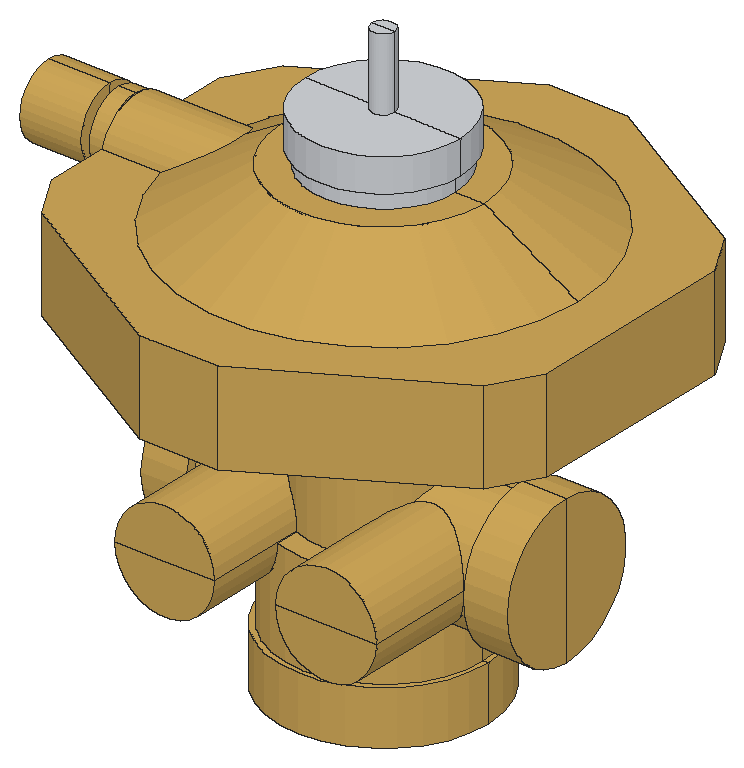
Revit family "Differenzdruckregler 4002 FIX TS 50kPa", category Rohrzubehör, Revit 2018
Family settings
  Bemaßung runder Anschluss = Durchmesser verwenden
  Teiletyp = Unterbricht
  OmniClass-Nummer = 23.65.55.14
  OmniClass-Titel = Valves for Liquid Services
  Arbeitsebenenbasiert = Nein
  Immer vertikal = Ja
  Beim Laden mit Abzugskörper schneiden = Nein
  Gemeinsam genutzt = Nein
Parameters (values of type "Ohne Dämmung")
  y2 [instance] = K14 + K9 + H01  # 45.649 mm
  y1 [instance] = (R03 * 2) + R05  # 66.000 mm
  k25 = 9.000 mm  # constant formula
  k24 = 13.000 mm  # constant formula
  k23 = 6.000 mm  # constant formula
  k22 = 22.000 mm  # constant formula
  k21 = 13.000 mm  # constant formula
  k20 = 14.000 mm  # constant formula
  k19 = 2.000 mm  # constant formula
  PN = 16  # constant formula
  Min. Betriebstemperatur (Frostschutz) = -20 °C  # constant formula
  Max. zulässige Betriebstemperatur bis DN32 = 130 °C  # constant formula
  Max. zulässige Betriebstemperatur DN40 - DN50 = 110 °C  # constant formula
  Max. Differenzdruck am Gehäuse = 400000.0 Pa  # constant formula
  Max. Betriebsdruck = 1600000.0 Pa  # constant formula
  Ventilschaft = "Edelstahl 14301"  # constant formula
  VRL01 [instance] = 30.000 mm  # constant formula
  V12 = 17.000 mm  # constant formula
  V10 = 16.000 mm  # constant formula
  V09 [instance] = 11.000 mm  # constant formula
  V08 [instance] = G01 + 3.000 mm  # 16.220 mm
  V03 [instance] = G01 + 5.000 mm  # 18.220 mm
  V02 [instance] = V01 + 4.500 mm  # 12.000 mm
  V01 [instance] = Nennweite / 2  # 7.500 mm
  URL = "www.herz-armaturen.at"
  SCRNSEQ = "ARM;ARM_TYP=\"DIFR\";2"
  SCRNCODE = "05;03;4"  # constant formula
  S07 = 10.000 mm  # constant formula
  S05 [instance] = S01 - 1.000 mm  # 13.850 mm
  S04 [instance] = S02 - 1.000 mm  # 18.000 mm
  S03 [instance] = size_lookup("4002_FIX_TS_50", "S03", 26.500 mm, Nennweite)  # 25.600 mm
  S02 [instance] = size_lookup("4002_FIX_TS_50", "S02", 19.000 mm, Nennweite)  # 19.000 mm
  S01 [instance] = size_lookup("4002_FIX_TS_50", "S01", 14.850 mm, Nennweite)  # 14.850 mm
  Regleranschlussmutter = "Messing CW614N"  # constant formula
  Regelbereich = "FIX 50kPa"  # constant formula
  R06 [instance] = size_lookup("4002_FIX_TS_50", "R06", 14.500 mm, Nennweite)  # 14.500 mm
  R05 [instance] = size_lookup("4002_FIX_TS_50", "R05", 41.000 mm, Nennweite)  # 50.000 mm
  R04 [instance] = size_lookup("4002_FIX_TS_50", "R04", 12.500 mm, Nennweite)  # 12.500 mm
  R03 [instance] = size_lookup("4002_FIX_TS_50", "R03", 8.000 mm, Nennweite)  # 8.000 mm
  R02 = 14.500 mm  # constant formula
  R01 [instance] = size_lookup("4002_FIX_TS_50", "R01", 11.500 mm, Nennweite)  # 11.500 mm
  Min. Betriebstemperatur (reines Wasser) = 2 °C  # constant formula
  O-Ringe = "EPDM"  # constant formula
  Nennweite [instance] = 15.000 mm
  Membrangehäuse = "Messing CW602N"  # constant formula
  Membrane = "EPDM"  # constant formula
  Medium = "Wasserbeschaffenheit nach ÖNORM H 5195 und VDI 2035\r\nDie Verwendung von Ethylen- und Propylenglykol ist im\r\nMischungsverhältnis 25 - 50 Vol.-% zulässig."
  L07 [instance] = size_lookup("4002_FIX_TS_50", "L07", 33.000 mm, Nennweite)  # 33.000 mm
  L06 = 7.000 mm  # constant formula
  L [instance] = size_lookup("4002_FIX_TS_50", "L", 66.000 mm, Nennweite)  # 66.000 mm
  K9 = 4.000 mm  # constant formula
  K8 = 55.000 mm  # constant formula
  K7 = 8.700 mm  # constant formula
  K6 = 11.700 mm  # constant formula
  K5 = 13.000 mm  # constant formula
  K4 = 12.000 mm  # constant formula
  K3 = 15.000 mm  # constant formula
  K2 = 2.350 mm  # constant formula
  K18 = 89.000 mm  # constant formula
  K17 = 66.700 mm  # constant formula
  K16 = 3.000 mm  # constant formula
  K15 = 26.649 mm  # constant formula
  K14 = 16.649 mm  # constant formula
  K13 = 16.649 mm  # constant formula
  K12 = 10.000 mm  # constant formula
  K11 = 35.000 mm  # constant formula
  K10 = 18.250 mm  # constant formula
  K1.1 = 2.350 mm  # constant formula
  K1 = 7.651 mm - 1.000 mm  # 6.651 mm
  J9 = 15.700 mm  # constant formula
  J8 = 7.850 mm  # constant formula
  J7 = 15.897 mm  # constant formula
  J6 = 3.900 mm  # constant formula
  J5 = 6.500 mm  # constant formula
  J4 = 1.500 mm  # constant formula
  J3 = 3.200 mm  # constant formula
  J2 = 11.000 mm  # constant formula
  J11 = 3.500 mm  # constant formula
  J10 = 18.897 mm  # constant formula
  J1 = 6.500 mm  # constant formula
  Hersteller = "HERZ-Armaturen Ges.m.b.H"  # constant formula
  H2 [instance] = size_lookup("4002_FIX_TS_50", "H2", 28.000 mm, Nennweite)  # 28.000 mm
  H1 [instance] = K1 + K2 + K3 + K4 + K5 + K7 + K8 + K16 + 16.650 mm  # 132.351 mm
  H04 = 4.000 mm  # constant formula
  H03 = 9.800 mm  # constant formula
  H02 [instance] = size_lookup("4002_FIX_TS_50", "H02", 53.000 mm, Nennweite)  # 53.000 mm
  H01 [instance] = size_lookup("4002_FIX_TS_50", "H01", 25.000 mm, Nennweite)  # 25.000 mm
  Gehäuse = "DZR Messing CC770S"  # constant formula
  G01 [instance] = size_lookup("4002_FIX_TS_50", "G01", 13.220 mm, Nennweite)  # 13.220 mm
  Hinweise zum Material = "Gemäß Art 33 der REACH-Verordnung (EG Nr. 1907/2006) sind wir verpflichtet, darauf hinzuweisen,\r\ndass der Stoff Blei auf der SVHC-Liste geführt wird und dass alle aus Messing bestehenden Bauteile,\r\ndie in unseren Erzeugnissen verarbeitet sind, mehr als 0,1 % (w/w) Blei (CAS: 7439-92-1 / EINECS:\r\n231-100-4) enthalten. Da Blei als Legierungsbestandteil fest gebunden ist, sind keine Expositionen zu\r\nerwarten und daher sind keine zusätzlichen Angaben zur sicheren Verwendung notwendig.\r\n\r\nIm Hanf enthaltenes Ammoniak schädigt\r\nMessingventilgehäuse, EPDM Dichtungen werden durch\r\nMineralöle bzw. mineralölhaltige Schmierstoffe aufgequollen\r\nund führen somit zum Ausfall der EPDM-Dichtungen. Für\r\nFrost- und Korrosionsschutzmittel auf der Basis von Ethylen- und Propylenglykol sind die entsprechenden\r\nAngaben den Unterlagen des Herstellers zu entnehmen."
  Dämmung = no
  Dämmschale = "EPP (expandiertes Polypropylen)"  # constant formula
  Druckfeder = "Federstahl, rost-und säurebeständig"  # constant formula
  DN50 [instance] = Nennweite = 50.000 mm  # no
  DN40 [instance] = Nennweite = 40.000 mm  # no
  DN32-40 [instance] = or(Nennweite = 32.000 mm, Nennweite = 40.000 mm)  # no
  DN32 [instance] = Nennweite = 32.000 mm  # no
  DN25 [instance] = Nennweite = 25.000 mm  # no
  DN20 [instance] = Nennweite = 20.000 mm  # no
  DN15-25 [instance] = or(Nennweite = 15.000 mm, Nennweite = 20.000 mm, Nennweite = 25.000 mm)  # yes
  DN15,20,25,32,50 [instance] = or(Nennweite = 15.000 mm, Nennweite = 20.000 mm, Nennweite = 25.000 mm, Nennweite = 32.000 mm, Nennweite = 50.000 mm)  # yes
  DN15 [instance] = Nennweite = 15.000 mm  # yes
  D07 [instance] = if(Nennweite = 15.000 mm, 32.000 mm, if(Nennweite = 20.000 mm, 33.000 mm, if(Nennweite = 25.000 mm, 33.000 mm, if(Nennweite = 32.000 mm, 49.000 mm, if(Nennweite = 40.000 mm, 57.560 mm, if(Nennweite = 50.000 mm, 57.560 mm, 0.000 mm))))))  # 32.000 mm
  D06 [instance] = if(Nennweite = 15.000 mm, 32.000 mm, if(Nennweite = 20.000 mm, 33.000 mm, if(Nennweite = 25.000 mm, 33.000 mm, if(Nennweite = 32.000 mm, 49.000 mm, if(Nennweite = 40.000 mm, 57.560 mm, if(Nennweite = 50.000 mm, 57.560 mm, 0.000 mm))))))  # 32.000 mm
  D05 [instance] = if(Nennweite = 15.000 mm, 36.750 mm, if(Nennweite = 20.000 mm, 40.700 mm, if(Nennweite = 25.000 mm, 49.200 mm, if(Nennweite = 32.000 mm, 54.150 mm, if(Nennweite = 40.000 mm, 60.750 mm, if(Nennweite = 50.000 mm, 72.700 mm, 0.000 mm))))))  # 36.750 mm
  D04 [instance] = if(Nennweite = 15.000 mm, 78.500 mm, if(Nennweite = 20.000 mm, 82.000 mm, if(Nennweite = 25.000 mm, 84.000 mm, if(Nennweite = 32.000 mm, 120.000 mm, if(Nennweite = 40.000 mm, 130.000 mm, if(Nennweite = 50.000 mm, 130.500 mm, 0.000 mm))))))  # 78.500 mm
  D03 [instance] = if(Nennweite = 15.000 mm, 96.000 mm, if(Nennweite = 20.000 mm, 110.000 mm, if(Nennweite = 25.000 mm, 112.000 mm, if(Nennweite = 32.000 mm, 152.000 mm, if(Nennweite = 40.000 mm, 170.000 mm, if(Nennweite = 50.000 mm, 179.000 mm, 0.000 mm))))))  # 96.000 mm
  D02 [instance] = size_lookup("4002_FIX_TS_50", "R05", 41.000 mm, Nennweite)  # 50.000 mm
  D01 [instance] = size_lookup("4002_FIX_TS_50", "G01", 13.220 mm, Nennweite)  # 13.220 mm
  Bestellnummer Dämmung [instance] = if(and(Dämmung, Nennweite = 15.000 mm), 1400291, if(and(Dämmung, Nennweite = 20.000 mm), 1400291, if(and(Dämmung, Nennweite = 25.000 mm), 1400291, if(and(Dämmung, Nennweite = 32.000 mm), 1400291, if(and(Dämmung, Nennweite = 40.000 mm), 1400291, if(and(Dämmung, Nennweite = 50.000 mm), 1400291, 0))))))  # 0
  Bestellnummer [instance] = size_lookup("4002_FIX_TS_50", "Artnr", 0, Nennweite)  # 1400291
  B2 [instance] = size_lookup("4002_FIX_TS_50", "B2", 31.000 mm, Nennweite)  # 31.000 mm
  B1 [instance] = size_lookup("4002_FIX_TS_50", "B1", 26.000 mm, Nennweite)  # 26.000 mm
  B04 = 100.649 mm  # constant formula
  B03 = 44.500 mm  # constant formula
  B02 = 104.688 mm  # constant formula
  B01 = 10.000 mm  # constant formula
  Anwendungsgebiet = "Der Differenzdruckregler ist ein Regler mit linearer Kennlinie in Geradsitzausführung und arbeitet ohne Hilfsenergie. Der Differenzdruck-Sollwert beträgt 23 kPa, 50 kPa bzw 13 kPa. Im Lieferumfang enthalten ist die Impulsleitung (1000 mm), diese ist mit einem Strangregulierventil im Vorlauf zu verbinden."
  Anschlussnippel = "Messing CW602N"  # constant formula
  Anschlussgewinde für Antrieb = "Messing CW602N"  # constant formula
Types (2, lengths in mm): name | y2 | y1 | V08 | V03 | V02 | V01 | S03 | R05 | R04 | R03 | R01 | Nennweite | L07 | L | H2 | H02 | H01 | G01 | Dämmung | DN25 | DN15 | D07 | D06 | D05 | D04 | D03 | D02 | D01 | Bestellnummer Dämmung | Bestellnummer | B2 | B1
  Ohne Dämmung | 45.649 | 66.000 | 16.220 | 18.220 | 12.000 | 7.500 | 25.600 | 50.000 | 12.500 | 8.000 | 11.500 | 15.000 | 33.000 | 66.000 | 28.000 | 53.000 | 25.000 | 13.220 | no | no | yes | 32.000 | 32.000 | 36.750 | 78.500 | 96.000 | 50.000 | 13.220 | 0 | 1400291 | 31.000 | 26.000
  Mit Dämmung | 46.649 | 76.000 | 23.600 | 25.600 | 17.000 | 12.500 | 29.000 | 58.200 | 14.500 | 8.900 | 14.800 | 25.000 | 38.000 | 76.000 | 29.000 | 54.500 | 26.000 | 20.600 | yes | yes | no | 33.000 | 33.000 | 49.200 | 84.000 | 112.000 | 58.200 | 20.600 | 1400291 | 1400293 | 33.000 | 28.000
Reference planes
  plane 1 "Mitte (Vorne/hinten)": y = 0
  plane 2: z = 0
  plane 3 "Mitte (Links/rechts)": x = 0
Forms (mm)
  Revolve 1, solid, material "Messing, weicher Gelbton, geschweißt", detail levels fine
    sketch origin (0, 0, 0) x (1, 0, 0) y (0, 0, 1)
      loop
        line (-33, 0) -> (33, 0) -> (33, 13.22) -> (25, 13.22) -> (25, 11.5) -> (-25, 11.5) -> (-25, 13.22) -> (-33, 13.22) -> (-33, 0)
      axis (-33, 0) -> (33, 0)
    angle from 0 to 360
  Revolve 2, solid, material "Messing, weicher Gelbton, geschweißt", detail levels fine
    sketch origin (0, 0, 0) x (1, 0, 0) y (0, 0, 1)
      loop
        line (0, -28) -> (0, 0) -> (-18, 0) -> (-18, -18.2) -> (-19, -18.2) -> (-19, -28) -> (0, -28)
      axis (0, 0) -> (0, -28)
    angle from 0 to 360
  Extrusion 3, solid, material "Messing, weicher Gelbton, geschweißt", detail levels fine
    sketch origin (0, 0, 0) x (0, -1, 0) y (1, 0, 0)
      loop
        line (-46, -7.038) -> (-27.114, -39.75) -> (-18.886, -44.5) -> (18.886, -44.5) -> (27.114, -39.75) -> (46, -7.038) -> (46, 7.038) -> (27.114, 39.75) -> (18.886, 44.5) -> (-18.886, 44.5) -> (-27.114, 39.75) -> (-46, 7.038) -> (-46, -7.038)
    from 29 to 45.649
  Revolve 4, solid, material "Messing, weicher Gelbton, geschweißt", detail levels fine
    sketch origin (0, 0, -7.051) x (1, 0, 0) y (0, 0, 1)
      loop
        line (0, 52.7) -> (0, 62.7) -> (-18.25, 62.7) -> (-35, 52.7) -> (0, 52.7)
      axis (0, 62.7) -> (0, 52.7)
    angle from 0 to 360
  Revolve 5, solid, material "Messing, weicher Gelbton, geschweißt", visible <- "DN15-25", detail levels fine
    sketch origin (-11, 0, 0) x (1, 0, 0) y (0, 1, 0)
      loop
        line (-1.5, 26) -> (-9.2, 26) -> (-9.2, 0) -> (-1.5, 0) -> (-1.5, 26)
      axis (-1.5, 0) -> (-1.5, 26)
    angle from 0 to 360
  Revolve 6, solid, material "Messing, weicher Gelbton, geschweißt", detail levels fine
    sketch origin (-0.988, 0, -6.853) x (-1, 0, 0) y (0, 0, 1)
      loop
        line (43.5, 51.75) -> (59.2, 51.75) -> (59.2, 58.25) -> (48.2, 58.25) -> (48.2, 55.65) -> (46.7, 55.65) -> (46.7, 58.25) -> (43.5, 58.25) -> (43.5, 51.75)
      axis (43.5, 51.75) -> (59.2, 51.75)
    angle from 0 to 360
  Extrusion 7, solid, material "Messing, weicher Gelbton, geschweißt", detail levels fine
    sketch origin (0, 0, 0) x (0, 1, 0) y (0, 0, -1)
      loop
        line (7.85, -43.547) -> (7.85, -32.5) -> (-7.85, -32.5) -> (-7.85, -43.547)
        arc (-7.85, -43.547) -> (0, -51.397) -> (7.85, -43.547) r 7.85
    from 0 to 44.5
  Revolve 8, solid, material "Messing, weicher Gelbton, geschweißt", visible <- "DN15-25", detail levels fine
    sketch origin (-2, 0, 0) x (1, 0, 0) y (0, 1, 0)
      loop
        line (-12.5, 0) -> (-21.5, 0) -> (-21.5, -31) -> (-12.5, -31) -> (-12.5, 0)
      axis (-12.5, 0) -> (-12.5, -31)
    angle from 0 to 360
  Revolve 9, solid, material "Messing, weicher Gelbton, geschweißt", visible <- "DN15-25", detail levels fine
    sketch origin (2, 0, 0) x (1, 0, 0) y (0, 1, 0)
      loop
        line (12.5, 0) -> (12.5, -31) -> (21.6, -31) -> (21.6, 0) -> (12.5, 0)
      axis (12.5, 0) -> (12.5, -31)
    angle from 0 to 360
  Extrusion 10, solid, material "Messing, weicher Gelbton, geschweißt", visible <- "DN32", detail levels fine
    sketch origin (-31.5, 0, 0) x (1, 0, 0) y (0, 1, 0)
      loop
        circle (63, 0) r 6.578
      loop
        circle (63, 0) r 3.28
    from -47 to 0
  Extrusion 11, solid, material "Messing, weicher Gelbton, geschweißt", visible <- "DN32", detail levels fine
    sketch origin (31.5, 0, 0) x (-1, 0, 0) y (0, -1, 0)
      loop
        circle (63, 0) r 6.578
      loop
        circle (63, 0) r 3.28
    from -47 to 0
  Revolve 12, solid, material "Messing, weicher Gelbton, geschweißt", detail levels fine
    sketch origin (0, 0, 0) x (1, 0, 0) y (0, 0, 1)
      loop
        line (-13.85, 0) -> (0, 0) -> (0, 29) -> (-9.85, 29) -> (-9.85, 25) -> (-14.85, 25) -> (-14.85, 15.2) -> (-13.85, 15.2) -> (-13.85, 0)
      axis (0, 29) -> (0, 0)
    angle from 0 to 360
  Extrusion 13, solid, material "Messing, weicher Gelbton, geschweißt", visible <- "DN40", detail levels fine
    sketch origin (29.382, 0, 0) x (-1, 0, 0) y (0, -1, 0)
      loop
        circle (63, 0) r 6.578
      loop
        circle (63, 0) r 3.28
    from -58 to 0
  Extrusion 14, solid, material "Messing, weicher Gelbton, geschweißt", visible <- "DN40", detail levels fine
    sketch origin (-29.455, 0, 0) x (1, 0, 0) y (0, 1, 0)
      loop
        circle (63, 0) r 6.578
      loop
        circle (63, 0) r 3.28
    from -58 to 0
  Extrusion 15, solid, material "Messing, weicher Gelbton, geschweißt", visible <- "DN50", detail levels fine
    sketch origin (28.422, 0, 0) x (-1, 0, 0) y (0, -1, 0)
      loop
        circle (63, 0) r 6.578
      loop
        circle (63, 0) r 3.28
    from -58 to 0
  Extrusion 16, solid, material "Messing, weicher Gelbton, geschweißt", visible <- "DN50", detail levels fine
    sketch origin (-28.422, 0, 0) x (1, 0, 0) y (0, 1, 0)
      loop
        circle (63, 0) r 6.578
      loop
        circle (63, 0) r 3.28
    from -58 to 0
  Revolve 17, solid, material "Messing, weicher Gelbton, geschweißt", visible <- "DN32-40", detail levels fine
    sketch origin (-11, 0, 0) x (1, 0, 0) y (0, 1, 0)
      loop
        line (-1.5, -26) -> (-1.5, 0) -> (-9.2, 0) -> (-9.2, -26) -> (-1.5, -26)
      axis (-1.5, 0) -> (-1.5, -26)
    angle from 0 to 360
  Revolve 18, solid, material "Messing, weicher Gelbton, geschweißt", not visible, detail levels fine
    sketch origin (10.652, 0, 0) x (-1, 0, 0) y (0, 0, 1)
      loop
        line (43.652, 0) -> (73.652, 0) -> (73.652, 7.5) -> (56.652, 7.5) -> (56.652, 12) -> (47.652, 12) -> (47.652, 18.22) -> (40.652, 18.22) -> (40.652, 16.22) -> (35.652, 16.22) -> (35.652, 13.22) -> (43.652, 13.22) -> (43.652, 0)
      axis (35.652, 0) -> (73.652, 0)
    angle from 0 to 360
  Revolve 19, solid, material "Messing, weicher Gelbton, geschweißt", not visible, detail levels fine
    sketch origin (-9.448, 0, 0) x (1, 0, 0) y (0, 0, 1)
      loop
        line (42.448, 0) -> (72.448, 0) -> (72.448, 7.5) -> (55.448, 7.5) -> (55.448, 12) -> (46.448, 12) -> (46.448, 18.22) -> (39.448, 18.22) -> (39.448, 16.22) -> (34.448, 16.22) -> (34.448, 13.22) -> (42.448, 13.22) -> (42.448, 0)
      axis (34.448, 0) -> (72.448, 0)
    angle from 0 to 360
  Revolve 20, solid, detail levels fine
    sketch origin (0, 0, 0) x (1, 0, 0) y (0, 0, 1)
      loop
        line (0, 55.649) -> (0, 77.649) -> (-2, 77.649) -> (-2, 64.649) -> (-14, 64.649) -> (-14, 58.649) -> (-13, 58.649) -> (-13, 55.649) -> (0, 55.649)
      axis (0, 77.649) -> (0, 55.649)
    angle from 0 to 360
  Revolve 21, solid, material "Kunsstoff-Anthrazit/Schwarz", visible <- "Dämmung"
    sketch origin (0, 0, 0) x (1, 0, 0) y (0, 0, 1)
      loop
        line (0, -46.5) -> (36.75, -46.5) -> (36.75, 32) -> (0, 32) -> (0, -46.5)
      axis (0, 32) -> (0, -46.5)
    angle from 0 to 360
  Revolve 22, solid, material "Kunsstoff-Anthrazit/Schwarz", visible <- "Dämmung"
    sketch origin (0, 0, 0) x (1, 0, 0) y (0, 0, 1)
      loop
        line (0, 32) -> (-48, 32) -> (-48, 13.22) -> (-25, 13.22) -> (-25, 0) -> (25, 0) -> (25, 10) -> (48, 10) -> (48, 32) -> (0, 32)
      axis (-48, 0) -> (48, 0)
    angle from 0 to 360
  Extrusion 23, void
    sketch origin (-196.626, 0, 0) x (1, 0, 0) y (0, 0, 1)
      loop
        line (106.193, 29) -> (304.626, 29) -> (304.626, 45.649) -> (106.193, 45.649) -> (106.193, 29)
    from -96.074 to 95.029
  Extrusion 24, void
    sketch origin (-330.981, 0, 0) x (1, 0, 0) y (0, 0, 1)
      loop
        line (226.44, 29) -> (455.981, 29) -> (455.981, 45.649) -> (226.44, 45.649) -> (226.44, 29)
    from -101.402 to 98.396
Cuts and joins
  Extrusion 23 cuts Revolve 21
  Extrusion 24 cuts Revolve 22
Lines and regions (mm)
  model lines, detail levels coarse+medium
    curve 1: line (33, -13.22, 0) -> (33, 13.22, 0)
    curve 2: line (33, 13.22, 0) -> (-33, -13.22, 0)
    curve 3: line (-33, -13.22, 0) -> (-33, 13.22, 0)
    curve 4: line (-33, 13.22, 0) -> (33, -13.22, 0)
    curve 5: line (0, -15, 0) -> (0, -29, 0)
    curve 6: spline (-44.5, -37.324, 0) -> (-42.984, -35.17, 0) -> (-38.538, -33.162, 0) -> (-31.466, -31.438, 0) -> (-22.25, -30.115, 0) -> (-11.517, -29.284, 0) -> (0, -29, 0) -> (11.517, -29.284, 0) -> (22.25, -30.115, 0) -> (31.466, -31.438, 0) -> (38.538, -33.162, 0) -> (42.984, -35.17, 0) -> (44.5, -37.325, 0) -> (42.984, -39.479, 0) -> (38.538, -41.487, 0) -> (31.466, -43.211, 0) -> (22.25, -44.534, 0) -> (11.517, -45.365, 0) -> (0, -45.649, 0) -> (-11.517, -45.365, 0) -> (-22.25, -44.534, 0) -> (-31.466, -43.211, 0) -> (-38.538, -41.487, 0) -> (-42.984, -39.479, 0) -> (-44.5, -37.324, 0)
    curve 7: line (-33, 0, 13.22) -> (-33, 0, -13.22)
    curve 8: line (-33, 0, -13.22) -> (33, 0, 13.22)
    curve 9: line (33, 0, 13.22) -> (33, 0, -13.22)
    curve 10: line (33, 0, -13.22) -> (-33, 0, 13.22)
    curve 11: line (0, 0, 13.22) -> (0, 0, 29)
    curve 12: spline (-44.5, 0, 37.325) -> (-42.984, 0, 39.479) -> (-38.538, 0, 41.487) -> (-31.466, 0, 43.211) -> (-22.25, 0, 44.534) -> (-11.517, 0, 45.365) -> (0, 0, 45.649) -> (11.517, 0, 45.365) -> (22.25, 0, 44.534) -> (31.466, 0, 43.211) -> (38.538, 0, 41.487) -> (42.984, 0, 39.479) -> (44.5, 0, 37.324) -> (42.984, 0, 35.17) -> (38.538, 0, 33.162) -> (31.466, 0, 31.438) -> (22.25, 0, 30.115) -> (11.517, 0, 29.284) -> (0, 0, 29) -> (-11.517, 0, 29.284) -> (-22.25, 0, 30.115) -> (-31.466, 0, 31.438) -> (-38.538, 0, 33.162) -> (-42.984, 0, 35.17) -> (-44.5, 0, 37.325)
    curve 13: line (0, 0, 13.22) -> (16.5, 0, 6.61)
    curve 14: line (0, 0, 13.22) -> (-16.5, 0, 6.61)
    curve 15: line (33, 0, 0) -> (63, 0, 0)
    curve 16: line (-33, 0, 0) -> (-63, 0, 0)
    curve 17: line (0, -15, 0) -> (-22.716, -9.1, 0)
    curve 18: line (0, -15, 0) -> (22.716, -9.1, 0)
    curve 19: line (33, 0, 13.22) -> (33, 0, -13.22)
    curve 20: line (33, 0, 13.22) -> (43, 0, 13.22)
    curve 21: line (43, 0, 13.22) -> (33, 0, 0)
    curve 22: line (43, 0, -13.22) -> (33, 0, 0)
    curve 23: line (33, 0, -13.22) -> (43, 0, -13.22)
    curve 24: line (-33, 0, 13.22) -> (-33, 0, -13.22)
    curve 25: line (-33, 0, 13.22) -> (-43, 0, 13.22)
    curve 26: line (-43, 0, 13.22) -> (-33, 0, 0)
    curve 27: line (-43, 0, -13.22) -> (-33, 0, 0)
    curve 28: line (-33, 0, -13.22) -> (-43, 0, -13.22)
    curve 29: line (-33, 13.22, 0) -> (-43, 13.22, 0)
    curve 30: line (-43, 13.22, 0) -> (-33, 0, 0)
    curve 31: line (-33, -13.22, 0) -> (-43, -13.22, 0)
    curve 32: line (-43, -13.22, 0) -> (-33, 0, 0)
    curve 33: line (33, -13.22, 0) -> (33, 13.22, 0)
    curve 34: line (33, 13.22, 0) -> (43, 13.22, 0)
    curve 35: line (43, 13.22, 0) -> (33, 0, 0)
    curve 36: line (33, -13.22, 0) -> (43, -13.22, 0)
    curve 37: line (43, -13.22, 0) -> (33, 0, 0)
Dimensions and locks
  "G01": Revolve 1 sketch curve to Revolve 1 sketch curve  (x2)
  "R01": Revolve 1 sketch curve to Revolve 1 sketch curve
  "R03": Revolve 1 sketch curve to Revolve 1 sketch curve  (x2)
  "K10": Revolve 4 sketch curve to Revolve 4 sketch curve
  "K11": Revolve 4 sketch curve to Revolve 4 sketch curve
  "B1": Revolve 5 sketch curve to Revolve 5 sketch curve
  "J1": Revolve 6 sketch curve to Revolve 6 sketch curve
  "J3": Revolve 6 sketch curve to Revolve 6 sketch curve
  "J4": Revolve 6 sketch curve to Revolve 6 sketch curve
  "J2": Revolve 6 sketch curve to Revolve 6 sketch curve
  "J5": Revolve 6 sketch curve to Revolve 6 sketch curve
  "J6": Revolve 6 sketch curve to Revolve 6 sketch curve
  "H2": plane 2 to Revolve 2 sketch curve
  "H03": Revolve 2 sketch curve to Revolve 2 sketch curve
  "S02": plane 3 "Mitte (Links/rechts)" to Revolve 2 sketch curve
  "B02": Revolve 6 to Extrusion 3
  "B03": Extrusion 3 to plane 3 "Mitte (Links/rechts)"
  "R04": Revolve 5 sketch curve to plane 3 "Mitte (Links/rechts)"
  "K12": Revolve 4 sketch curve to Revolve 4 sketch curve
  "K13": Revolve 4 sketch curve to Extrusion 3
  "K14": Extrusion 3 to Extrusion 3
  "R05": Revolve 1 sketch curve to Revolve 1 sketch curve
  plane 3 "Mitte (Links/rechts)" to Revolve 1 sketch curve = 33.000 mm
  Revolve 1 sketch curve to plane 3 "Mitte (Links/rechts)" = 33.000 mm
  equal spacing: Revolve 1 sketch curve, plane 3 "Mitte (Links/rechts)", Revolve 1 sketch curve
  "B2": plane 1 "Mitte (Vorne/hinten)" to Revolve 8 sketch curve
  "B2": Revolve 9 sketch curve to plane 1 "Mitte (Vorne/hinten)"
  "R06": Revolve 8 sketch curve to plane 3 "Mitte (Links/rechts)"
  "R06": plane 3 "Mitte (Links/rechts)" to Revolve 9 sketch curve
  "S01": Revolve 12 sketch curve to plane 3 "Mitte (Links/rechts)"
  "S05": plane 3 "Mitte (Links/rechts)" to Revolve 12 sketch curve
  "H04": Revolve 12 sketch curve to Revolve 12 sketch curve
  "H03": Revolve 12 sketch curve to Revolve 12 sketch curve
  "H01": Revolve 12 sketch curve to plane 2
  "K9": Extrusion 3 to Revolve 12
  Revolve 2 sketch curve to Revolve 2 sketch curve = 1.000 mm
  "J7": Revolve 6 sketch curve to Extrusion 3
  "J9": Extrusion 7 sketch curve to Extrusion 7 sketch curve
  "J10": Revolve 6 to Extrusion 7 sketch curve
  "J11": Extrusion 7 sketch curve to Extrusion 3
  equal spacing: curve 7, curve 6, curve 9
  "K18": Extrusion 3 to Extrusion 3
  equal spacing: curve 7, curve 14, curve 14
  equal spacing: curve 14, curve 13, curve 9
  "G01": curve 10 to plane 2
  "G01": plane 2 to curve 8
  "G01": curve 9 to plane 2
  "G01": plane 2 to curve 10
  "K18": curve 12 to curve 12
  "y1": curve 7 to curve 9
  "G01": curve 14 to plane 2
  "K14": curve 12 to curve 12
  "y2": curve 12 to plane 2
  "G01": plane 1 "Mitte (Vorne/hinten)" to curve 4
  "G01": curve 3 to plane 1 "Mitte (Vorne/hinten)"
  equal spacing: curve 3, curve 12, curve 1
  equal spacing: curve 3, curve 18, curve 1
  "y1": curve 3 to curve 1
  "G01": plane 1 "Mitte (Vorne/hinten)" to curve 2
  "G01": curve 4 to plane 1 "Mitte (Vorne/hinten)"
  "K18": curve 6 to curve 6
  "K14": curve 6 to curve 6
  "y2": curve 6 to plane 1 "Mitte (Vorne/hinten)"
  "B1": Revolve 17 sketch curve to Revolve 17 sketch curve
  "R04": Revolve 17 sketch curve to plane 3 "Mitte (Links/rechts)"
  "R03": Revolve 18 sketch curve to Revolve 18 sketch curve
  "V10": Revolve 18 sketch curve to Revolve 18 sketch curve
  "V12": Revolve 18 sketch curve to Revolve 18 sketch curve
  "VRL01": Revolve 18 sketch curve to Revolve 18 sketch curve
  "V02": Revolve 18 sketch curve to plane 2
  "V01": Revolve 18 sketch curve to plane 2
  "G01": Revolve 18 sketch curve to plane 2
  "V08": Revolve 18 sketch curve to plane 2
  "V03": Revolve 18 sketch curve to plane 2
  "R03": Revolve 19 sketch curve to Revolve 19 sketch curve
  "V10": Revolve 19 sketch curve to Revolve 19 sketch curve
  "V12": Revolve 19 sketch curve to Revolve 19 sketch curve
  "VRL01": Revolve 19 sketch curve to Revolve 19 sketch curve
  "V01": Revolve 19 sketch curve to plane 2
  "V02": Revolve 19 sketch curve to plane 2
  "G01": Revolve 19 sketch curve to plane 2
  "V08": Revolve 19 sketch curve to plane 2
  "V03": Revolve 19 sketch curve to plane 2
  "L07": Revolve 18 to plane 3 "Mitte (Links/rechts)"
  "L07": plane 3 "Mitte (Links/rechts)" to Revolve 19
  "S07": curve 28 to Revolve 18
  "S07": curve 26 to Revolve 18
  "S07": Revolve 19 to curve 21
  "S07": Revolve 19 to curve 23
  "G01": plane 2 to curve 28
  "G01": curve 25 to plane 2
  "G01": curve 20 to plane 2
  "G01": plane 2 to curve 23
  "S07": curve 30 to curve 3
  "S07": curve 32 to curve 3
  "S07": curve 33 to curve 35
  "S07": curve 33 to curve 37
  "k20": Revolve 20 sketch curve to Revolve 20 sketch curve
  "k24": Revolve 20 sketch curve to Revolve 20 sketch curve
  "k23": Revolve 20 sketch curve to Revolve 20 sketch curve
  "k21": Revolve 20 sketch curve to Revolve 20 sketch curve
  "k22": Revolve 20 sketch curve to Revolve 20 sketch curve
  "k19": Revolve 20 sketch curve to Revolve 20 sketch curve
  "k25": Revolve 20 to Revolve 4
  "D06": Revolve 21 sketch curve to plane 2
  "D05": Revolve 21 sketch curve to Revolve 21 sketch curve
  "D04": Revolve 21 sketch curve to Revolve 21 sketch curve
  "D07": Revolve 22 sketch curve to plane 2
  "D01": Revolve 22 sketch curve to plane 2
  "D03": Revolve 22 sketch curve to Revolve 22 sketch curve
  "D02": Revolve 22 sketch curve to Revolve 22 sketch curve
  equal spacing: Revolve 22 sketch curve, plane 3 "Mitte (Links/rechts)", Revolve 22 sketch curve  (x2)
  "K14": Extrusion 23 to Extrusion 23
  "K14": Extrusion 23 to Extrusion 3
  "K14": Extrusion 24 to Extrusion 24
  "K14": Extrusion 24 to Extrusion 3
  "J8": radius of Extrusion 7 sketch curve
  aligned and locked: level to plane 2
Automatic sketch dimensions
  plane 3 "Mitte (Links/rechts)" to Extrusion 3 sketch curve = 7.038 mm  (x2)
  Extrusion 3 sketch curve to plane 1 "Mitte (Vorne/hinten)" = 46.000 mm
  Extrusion 3 sketch curve to plane 1 "Mitte (Vorne/hinten)" = 27.114 mm  (x2)
  Extrusion 3 sketch curve to Extrusion 3 sketch curve = 8.227 mm  (x4)
  plane 1 "Mitte (Vorne/hinten)" to Extrusion 3 sketch curve = 18.886 mm  (x2)
  Extrusion 3 sketch curve to Extrusion 3 sketch curve = 18.886 mm
  Extrusion 3 sketch curve to plane 3 "Mitte (Links/rechts)" = 7.038 mm  (x2)
  Extrusion 3 sketch curve to Extrusion 3 sketch curve = 32.712 mm  (x4)
  Extrusion 3 sketch curve to Extrusion 3 sketch curve = 4.750 mm  (x2)
  Extrusion 10 sketch curve to Extrusion 10 sketch curve = 0.000 mm  (x2)
  plane 1 "Mitte (Vorne/hinten)" to Extrusion 10 sketch curve = 0.000 mm
  plane 3 "Mitte (Links/rechts)" to Extrusion 10 sketch curve = 31.500 mm
  Extrusion 11 sketch curve to Extrusion 11 sketch curve = 0.000 mm  (x2)
  plane 1 "Mitte (Vorne/hinten)" to Extrusion 11 sketch curve = 0.000 mm
  plane 3 "Mitte (Links/rechts)" to Extrusion 11 sketch curve = 31.500 mm
  Extrusion 13 sketch curve to Extrusion 13 sketch curve = 0.000 mm  (x2)
  plane 1 "Mitte (Vorne/hinten)" to Extrusion 13 sketch curve = 0.000 mm
  plane 3 "Mitte (Links/rechts)" to Extrusion 13 sketch curve = 33.618 mm
  Extrusion 14 sketch curve to Extrusion 14 sketch curve = 0.000 mm  (x2)
  plane 1 "Mitte (Vorne/hinten)" to Extrusion 14 sketch curve = 0.000 mm
  plane 3 "Mitte (Links/rechts)" to Extrusion 14 sketch curve = 33.545 mm
  Extrusion 15 sketch curve to Extrusion 15 sketch curve = 0.000 mm  (x2)
  plane 1 "Mitte (Vorne/hinten)" to Extrusion 15 sketch curve = 0.000 mm
  plane 3 "Mitte (Links/rechts)" to Extrusion 15 sketch curve = 34.578 mm
  Extrusion 16 sketch curve to Extrusion 16 sketch curve = 0.000 mm  (x2)
  plane 1 "Mitte (Vorne/hinten)" to Extrusion 16 sketch curve = 0.000 mm
  plane 3 "Mitte (Links/rechts)" to Extrusion 16 sketch curve = 34.578 mm
  level to Extrusion 23 sketch curve = 29.000 mm
  level to Extrusion 23 sketch curve = 45.649 mm
  Extrusion 23 sketch curve to plane 3 "Mitte (Links/rechts)" = 90.433 mm
  Extrusion 23 sketch curve to Extrusion 23 sketch curve = 198.433 mm
  level to Extrusion 24 sketch curve = 29.000 mm
  level to Extrusion 24 sketch curve = 45.649 mm
  Extrusion 24 sketch curve to plane 3 "Mitte (Links/rechts)" = 104.541 mm
  Extrusion 24 sketch curve to Extrusion 24 sketch curve = 229.541 mm
  curve 16 to level = 0.000 mm
  curve 11 to plane 3 "Mitte (Links/rechts)" = 0.000 mm
  curve 12 to plane 3 "Mitte (Links/rechts)" = 0.000 mm
  curve 15 to level = 0.000 mm
  curve 16 to curve 16 = 30.000 mm
  curve 15 to curve 15 = 30.000 mm
  plane 1 "Mitte (Vorne/hinten)" to curve 30 = 0.000 mm
  plane 1 "Mitte (Vorne/hinten)" to curve 32 = 0.000 mm
  curve 18 to plane 3 "Mitte (Links/rechts)" = 0.000 mm
  curve 6 to plane 3 "Mitte (Links/rechts)" = 0.000 mm
  plane 1 "Mitte (Vorne/hinten)" to curve 37 = 0.000 mm
  plane 1 "Mitte (Vorne/hinten)" to curve 35 = 0.000 mm
  curve 5 to curve 5 = 14.000 mm
  plane 1 "Mitte (Vorne/hinten)" to curve 17 = 9.100 mm
  plane 1 "Mitte (Vorne/hinten)" to curve 18 = 9.100 mm
  Revolve 1 sketch curve to level = 0.000 mm  (x2)
  Revolve 1 sketch curve to Revolve 1 sketch curve = 1473.530 mm
  Revolve 1 sketch curve to Revolve 1 sketch curve = 1806.148 mm
  Revolve 2 sketch curve to level = 0.000 mm
  Revolve 2 sketch curve to plane 3 "Mitte (Links/rechts)" = 0.000 mm  (x2)
  Revolve 2 sketch curve to Revolve 2 sketch curve = 1.000 mm
  Revolve 2 sketch curve to Revolve 2 sketch curve = 334.045 mm
  level to Revolve 2 sketch curve = 2218.015 mm
  Revolve 4 sketch curve to plane 3 "Mitte (Links/rechts)" = 0.000 mm  (x2)
  Revolve 4 sketch curve to level = 373.096 mm
  Revolve 4 sketch curve to Revolve 4 sketch curve = 2155.315 mm
  plane 1 "Mitte (Vorne/hinten)" to Revolve 5 sketch curve = 0.000 mm  (x2)
  Revolve 5 sketch curve to Revolve 5 sketch curve = 0.000 mm  (x2)
  Revolve 5 sketch curve to Revolve 5 sketch curve = 7.700 mm
  plane 3 "Mitte (Links/rechts)" to Revolve 6 sketch curve = 44.488 mm
  Revolve 6 sketch curve to Revolve 6 sketch curve = 0.000 mm  (x3)
  Extrusion 7 sketch curve to plane 1 "Mitte (Vorne/hinten)" = 0.000 mm
  Extrusion 7 sketch curve to Extrusion 7 sketch curve = 11.047 mm
  Extrusion 7 sketch curve to Extrusion 7 sketch curve = 0.000 mm
  plane 1 "Mitte (Vorne/hinten)" to Revolve 8 sketch curve = 0.000 mm  (x2)
  Revolve 8 sketch curve to Revolve 8 sketch curve = 9.000 mm
  Revolve 8 sketch curve to Revolve 8 sketch curve = 0.000 mm  (x2)
  plane 1 "Mitte (Vorne/hinten)" to Revolve 9 sketch curve = 0.000 mm  (x2)
  Revolve 9 sketch curve to Revolve 9 sketch curve = 9.100 mm
  Revolve 9 sketch curve to Revolve 9 sketch curve = 0.000 mm  (x2)
  Revolve 12 sketch curve to level = 0.000 mm  (x2)
  Revolve 12 sketch curve to plane 3 "Mitte (Links/rechts)" = 0.000 mm  (x2)
  Revolve 12 sketch curve to Revolve 12 sketch curve = 5.000 mm
  Revolve 12 sketch curve to Revolve 12 sketch curve = 0.000 mm
  plane 1 "Mitte (Vorne/hinten)" to Revolve 17 sketch curve = 0.000 mm  (x2)
  Revolve 17 sketch curve to Revolve 17 sketch curve = 7.700 mm
  Revolve 17 sketch curve to Revolve 17 sketch curve = 0.000 mm  (x2)
  Revolve 18 sketch curve to level = 0.000 mm  (x2)
  plane 3 "Mitte (Links/rechts)" to Revolve 18 sketch curve = 25.000 mm
  Revolve 18 sketch curve to Revolve 18 sketch curve = 4.000 mm
  Revolve 18 sketch curve to Revolve 18 sketch curve = 0.000 mm  (x2)
  Revolve 19 sketch curve to level = 0.000 mm  (x2)
  plane 3 "Mitte (Links/rechts)" to Revolve 19 sketch curve = 25.000 mm
  Revolve 19 sketch curve to Revolve 19 sketch curve = 4.000 mm
  Revolve 19 sketch curve to Revolve 19 sketch curve = 0.000 mm  (x2)
  curve 26 to level = 0.000 mm
  curve 27 to level = 0.000 mm
  curve 22 to level = 0.000 mm
  curve 21 to level = 0.000 mm
  curve 27 to curve 28 = 10.000 mm
  curve 19 to curve 20 = 10.000 mm
  Revolve 20 sketch curve to plane 3 "Mitte (Links/rechts)" = 0.000 mm  (x2)
  level to Revolve 20 sketch curve = 55.649 mm
  Revolve 20 sketch curve to Revolve 20 sketch curve = 0.000 mm  (x2)
  Revolve 21 sketch curve to plane 3 "Mitte (Links/rechts)" = 0.000 mm  (x2)
  Revolve 21 sketch curve to Revolve 21 sketch curve = 0.000 mm  (x2)
  Revolve 22 sketch curve to level = 0.000 mm  (x2)
  Revolve 22 sketch curve to plane 3 "Mitte (Links/rechts)" = 0.000 mm
  level to Revolve 22 sketch curve = 10.000 mm
  Revolve 22 sketch curve to Revolve 22 sketch curve = 0.000 mm  (x2)
  radius of Extrusion 10 sketch curve = 6.578 mm
  radius of Extrusion 10 sketch curve = 3.280 mm
  radius of Extrusion 11 sketch curve = 6.578 mm
  radius of Extrusion 11 sketch curve = 3.280 mm
  radius of Extrusion 13 sketch curve = 6.578 mm
  radius of Extrusion 13 sketch curve = 3.280 mm
  radius of Extrusion 14 sketch curve = 6.578 mm
  radius of Extrusion 14 sketch curve = 3.280 mm
  radius of Extrusion 15 sketch curve = 6.578 mm
  radius of Extrusion 15 sketch curve = 3.280 mm
  radius of Extrusion 16 sketch curve = 6.578 mm
  radius of Extrusion 16 sketch curve = 3.280 mm
Nested families
  nested 1: "Herz-Logo-vorne" at (-0.018, 17.815, -12.904) x (0, -1, 0) z (0, 0, 1), type "Herz-Logo-vorne", detail levels fine
  nested 2: "Herz-Logo-vorne" at (-0.018, 29.612, 0) x (0, -1, 0) z (0, 0, 1), visible <- "DN32", type "Herz-Logo-vorne", detail levels fine
  nested 3: "Herz-Logo-vorne" at (-0.018, 38.665, 0) x (0, -1, 0) z (0, 0, 1), visible <- "DN40", type "Herz-Logo-vorne", detail levels fine
  nested 4: "Herz-Logo-vorne" at (-0.018, 37.548, 0) x (0, -1, 0) z (0, 0, 1), visible <- "DN50", type "Herz-Logo-vorne", detail levels fine
Connectors
  piping at (-33, 0, 0), diameter 15, driven by "Nennweite"
    settings: on Revolve 1, index 1, connector inside diameter 609.6 mm, connector length 0.000 mm, flow factor 0, pipe flow 0.0 L/s, pressure drop 0.0 Pa, fitting loss kfactor 0, connector angle 0.00°, fixture units 0, engagement length 0.000 mm, angle of deflection 0.00°, flow configuration 0, flow direction 1, fitting loss method 0, system type 7, joint type 0, gender type 0, connector reference index -1, connector utility 0, adjustable connector no, is connector primary yes, connector description ""
  piping at (33, 0, 0), diameter 15, driven by "Nennweite"
    settings: on Revolve 1, index 2, connector inside diameter 609.6 mm, connector length 0.000 mm, flow factor 0, pipe flow 0.0 L/s, pressure drop 0.0 Pa, fitting loss kfactor 0, connector angle 0.00°, fixture units 0, engagement length 0.000 mm, angle of deflection 0.00°, flow configuration 0, flow direction 2, fitting loss method 0, system type 29, joint type 0, gender type 0, connector reference index -1, connector utility 0, adjustable connector no, is connector primary no, connector description ""
Definition of nested family "Herz-Logo-vorne"
  Reference planes
    plane 1 "Mitte (Vorne/hinten)": y = 0
    plane 2: z = 0
    plane 3 "Mitte (Links/rechts)": x = 0
  Forms (mm)
    Extrusion 1, solid
      sketch origin (0.732, -0.018, 0.017) x (0, -1, 0) y (0, 0, 1)
        loop
          line (-0.018, -4.517) -> (4.482, -4.517) -> (4.482, 4.483) -> (-4.518, 4.483) -> (-4.518, -4.517) -> (-0.018, -4.517)
        loop
          line (-0.05, -3.48) -> (3.482, -3.48) -> (3.482, 3.483) -> (-3.518, 3.483) -> (-3.518, -3.48) -> (-0.05, -3.48)
        loop
          arc (-0.018, 2.383) -> (-1.543, 3.287) -> (-3.067, 2.383) r 1.738
          arc (-3.067, 2.383) -> (-3.191, 1.899) -> (-3.067, 1.415) r 1.009
          line (-3.067, 1.415) -> (-0.018, -3.281) -> (3.032, 1.415)
          arc (3.032, 1.415) -> (3.156, 1.899) -> (3.032, 2.383) r 1.009
          arc (3.032, 2.383) -> (1.507, 3.287) -> (-0.018, 2.383) r 1.738
        loop
          arc (1.885, 1.272) -> (2.005, 1.675) -> (1.885, 2.079) r 0.74
          arc (1.885, 2.079) -> (1.265, 2.416) -> (0.644, 2.079) r 0.74
          line (0.644, 2.079) -> (-0.018, 0.97) -> (-0.679, 2.079)
          arc (-0.679, 2.079) -> (-1.3, 2.416) -> (-1.921, 2.079) r 0.74
          arc (-1.921, 2.079) -> (-2.04, 1.675) -> (-1.921, 1.272) r 0.74
          line (-1.921, 1.272) -> (-0.018, -1.658) -> (1.885, 1.272)
      from 0 to 1.5
  Dimensions and locks
    aligned and locked: level to plane 2
